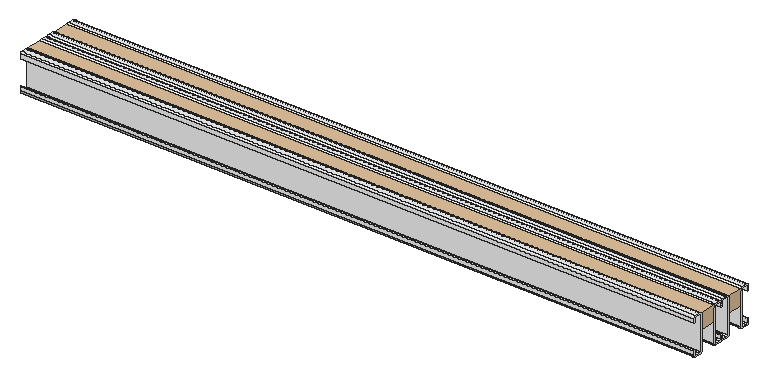
Revit family "S_Beam_12cm", category Structural Stiffeners, Revit 2020
Family settings
  Work Plane-Based = No
  Always vertical = Yes
  Cut with Voids When Loaded = No
  Shared = No
Parameters (values of type "S_Beam_12cm_Double")
  Wooden_Material = Sash
  Single = no
  L [instance] = 2200 mm
  Double = yes
  Default Elevation = 0 mm
  Beam_Material = Aluminum
Types (3, lengths in mm): name | Single | Double
  (no name) | no | yes
  S_Beam_12cm_Single | yes | no
  S_Beam_12cm_Double | no | yes
Reference planes
  plane 1 "Center (Front/Back)": y = 0
  plane 2: z = 0
  plane 3 "Center (Left/Right)": x = 0
  plane 4: x = 1100
  plane 5: x = -1100
Forms (mm)
  Sweep 1, solid, material "Aluminum" <- "Beam_Material", visible <- "Single"
    path origin (0, 0, 0) x (1, 0, 0) y (0, 1, 0)
      loop
        line (-1100, 0) -> (1100, 0)
    profile "S-Beam12cm_Profile_Single : S-Beam12cm_Profile_Single" origin (0, 0, 0) x (0, 1, 0) y (0, 0, 1)
      loop
        line (27.692, -114) -> (27.692, -6)
        arc (27.692, -6) -> (28.717, -3.525) -> (31.192, -2.5) r 3.5
        line (31.192, -2.5) -> (49.192, -2.5)
        arc (49.192, -2.5) -> (51.667, -3.525) -> (52.692, -6) r 3.5
        line (52.692, -6) -> (52.692, -20) -> (55.192, -20) -> (55.192, -6)
        arc (55.192, -6) -> (53.435, -1.757) -> (49.192, 0) r 6
        line (49.192, 0) -> (31.192, 0)
        arc (31.192, 0) -> (26.949, -1.757) -> (25.192, -6) r 6
        line (25.192, -6) -> (25.192, -114)
        arc (25.192, -114) -> (26.949, -118.243) -> (31.192, -120) r 6
        line (31.192, -120) -> (49.192, -120)
        arc (49.192, -120) -> (53.435, -118.243) -> (55.192, -114) r 6
        line (55.192, -114) -> (55.192, -100) -> (52.692, -100) -> (52.692, -114)
        arc (52.692, -114) -> (51.667, -116.475) -> (49.192, -117.5) r 3.5
        line (49.192, -117.5) -> (31.192, -117.5)
        arc (31.192, -117.5) -> (28.717, -116.475) -> (27.692, -114) r 3.5
      loop
        arc (-52.5, -6) -> (-51.475, -3.525) -> (-49, -2.5) r 3.5
        line (-49, -2.5) -> (-31, -2.5)
        arc (-31, -2.5) -> (-28.525, -3.525) -> (-27.5, -6) r 3.5
        line (-27.5, -6) -> (-27.5, -114)
        arc (-27.5, -114) -> (-28.525, -116.475) -> (-31, -117.5) r 3.5
        line (-31, -117.5) -> (-49, -117.5)
        arc (-49, -117.5) -> (-51.475, -116.475) -> (-52.5, -114) r 3.5
        line (-52.5, -114) -> (-52.5, -100) -> (-55, -100) -> (-55, -114)
        arc (-55, -114) -> (-53.243, -118.243) -> (-49, -120) r 6
        line (-49, -120) -> (-31, -120)
        arc (-31, -120) -> (-26.757, -118.243) -> (-25, -114) r 6
        line (-25, -114) -> (-25, -6)
        arc (-25, -6) -> (-26.757, -1.757) -> (-31, 0) r 6
        line (-31, 0) -> (-49, 0)
        arc (-49, 0) -> (-53.243, -1.757) -> (-55, -6) r 6
        line (-55, -6) -> (-55, -20) -> (-52.5, -20) -> (-52.5, -6)
  Sweep 2, solid, material "Sash" <- "Wooden_Material", visible <- "Single"
    path origin (0, 0, 0) x (1, 0, 0) y (0, 1, 0)
      loop
        line (-1100, 0) -> (1100, 0)
    profile origin (0, 0, 0) x (0, 1, 0) y (0, 0, 1)
      loop
        line (-24, -1.5) -> (-24, -51.5) -> (24.192, -51.5) -> (24.192, -1.5) -> (-24, -1.5)
  Sweep 3, solid, material "Aluminum" <- "Beam_Material", visible <- "Double"
    path origin (0, 0, 0) x (1, 0, 0) y (0, 1, 0)
      loop
        line (-1100, 0) -> (1100, 0)
    profile "S-Beam12cm_Profile_Double : S-Beam12cm_Profile_Double" origin (0, 0, 0) x (0, 1, 0) y (0, 0, 1)
      loop
        line (82.692, -114) -> (82.692, -6)
        arc (82.692, -6) -> (83.717, -3.525) -> (86.192, -2.5) r 3.5
        line (86.192, -2.5) -> (104.192, -2.5)
        arc (104.192, -2.5) -> (106.667, -3.525) -> (107.692, -6) r 3.5
        line (107.692, -6) -> (107.692, -20) -> (110.192, -20) -> (110.192, -6)
        arc (110.192, -6) -> (108.435, -1.757) -> (104.192, 0) r 6
        line (104.192, 0) -> (86.192, 0)
        arc (86.192, 0) -> (81.949, -1.757) -> (80.192, -6) r 6
        line (80.192, -6) -> (80.192, -114)
        arc (80.192, -114) -> (81.949, -118.243) -> (86.192, -120) r 6
        line (86.192, -120) -> (104.192, -120)
        arc (104.192, -120) -> (108.435, -118.243) -> (110.192, -114) r 6
        line (110.192, -114) -> (110.192, -100) -> (107.692, -100) -> (107.692, -114)
        arc (107.692, -114) -> (106.667, -116.475) -> (104.192, -117.5) r 3.5
        line (104.192, -117.5) -> (86.192, -117.5)
        arc (86.192, -117.5) -> (83.717, -116.475) -> (82.692, -114) r 3.5
      loop
        arc (2.5, -6) -> (3.525, -3.525) -> (6, -2.5) r 3.5
        line (6, -2.5) -> (24, -2.5)
        arc (24, -2.5) -> (26.475, -3.525) -> (27.5, -6) r 3.5
        line (27.5, -6) -> (27.5, -114)
        arc (27.5, -114) -> (26.475, -116.475) -> (24, -117.5) r 3.5
        line (24, -117.5) -> (6, -117.5)
        arc (6, -117.5) -> (3.525, -116.475) -> (2.5, -114) r 3.5
        line (2.5, -114) -> (2.5, -100) -> (0, -100) -> (0, -114)
        arc (0, -114) -> (1.757, -118.243) -> (6, -120) r 6
        line (6, -120) -> (24, -120)
        arc (24, -120) -> (28.243, -118.243) -> (30, -114) r 6
        line (30, -114) -> (30, -6)
        arc (30, -6) -> (28.243, -1.757) -> (24, 0) r 6
        line (24, 0) -> (6, 0)
        arc (6, 0) -> (1.757, -1.757) -> (0, -6) r 6
        line (0, -6) -> (0, -20) -> (2.5, -20) -> (2.5, -6)
  Sweep 4, solid, material "Aluminum" <- "Beam_Material", visible <- "Double"
    path origin (0, 0, 0) x (1, 0, 0) y (0, -1, 0)
      loop
        line (-1100, 0) -> (1100, 0)
    profile "S-Beam12cm_Profile_Double : S-Beam12cm_Profile_Double" origin (0, 0, 0) x (0, 1, 0) y (0, 0, 1)
      loop
        arc (-82.692, -114) -> (-83.717, -116.475) -> (-86.192, -117.5) r 3.5
        line (-86.192, -117.5) -> (-104.192, -117.5)
        arc (-104.192, -117.5) -> (-106.667, -116.475) -> (-107.692, -114) r 3.5
        line (-107.692, -114) -> (-107.692, -100) -> (-110.192, -100) -> (-110.192, -114)
        arc (-110.192, -114) -> (-108.435, -118.243) -> (-104.192, -120) r 6
        line (-104.192, -120) -> (-86.192, -120)
        arc (-86.192, -120) -> (-81.949, -118.243) -> (-80.192, -114) r 6
        line (-80.192, -114) -> (-80.192, -6)
        arc (-80.192, -6) -> (-81.949, -1.757) -> (-86.192, 0) r 6
        line (-86.192, 0) -> (-104.192, 0)
        arc (-104.192, 0) -> (-108.435, -1.757) -> (-110.192, -6) r 6
        line (-110.192, -6) -> (-110.192, -20) -> (-107.692, -20) -> (-107.692, -6)
        arc (-107.692, -6) -> (-106.667, -3.525) -> (-104.192, -2.5) r 3.5
        line (-104.192, -2.5) -> (-86.192, -2.5)
        arc (-86.192, -2.5) -> (-83.717, -3.525) -> (-82.692, -6) r 3.5
        line (-82.692, -6) -> (-82.692, -114)
      loop
        line (-2.5, -6) -> (-2.5, -20) -> (0, -20) -> (0, -6)
        arc (0, -6) -> (-1.757, -1.757) -> (-6, 0) r 6
        line (-6, 0) -> (-24, 0)
        arc (-24, 0) -> (-28.243, -1.757) -> (-30, -6) r 6
        line (-30, -6) -> (-30, -114)
        arc (-30, -114) -> (-28.243, -118.243) -> (-24, -120) r 6
        line (-24, -120) -> (-6, -120)
        arc (-6, -120) -> (-1.757, -118.243) -> (0, -114) r 6
        line (0, -114) -> (0, -100) -> (-2.5, -100) -> (-2.5, -114)
        arc (-2.5, -114) -> (-3.525, -116.475) -> (-6, -117.5) r 3.5
        line (-6, -117.5) -> (-24, -117.5)
        arc (-24, -117.5) -> (-26.475, -116.475) -> (-27.5, -114) r 3.5
        line (-27.5, -114) -> (-27.5, -6)
        arc (-27.5, -6) -> (-26.475, -3.525) -> (-24, -2.5) r 3.5
        line (-24, -2.5) -> (-6, -2.5)
        arc (-6, -2.5) -> (-3.525, -3.525) -> (-2.5, -6) r 3.5
  Sweep 5, solid, material "Sash" <- "Wooden_Material", visible <- "Double"
    path origin (0, 0, 0) x (1, 0, 0) y (0, 1, 0)
      loop
        line (-1100, 0) -> (1100, 0)
    profile origin (0, 0, 0) x (0, 1, 0) y (0, 0, 1)
      loop
        line (-31, -51.5) -> (-31, -1.5) -> (-79.192, -1.5) -> (-79.192, -51.5) -> (-31, -51.5)
      loop
        line (31, -51.5) -> (79.192, -51.5) -> (79.192, -1.5) -> (31, -1.5) -> (31, -51.5)
Dimensions and locks
  equal spacing: plane 5, plane 3 "Center (Left/Right)", plane 4
  "L": plane 5 to plane 4
  Sweep 1 to Sweep 2 sketch curve = 1 mm
  Sweep 2 sketch curve to Sweep 1 = 1 mm  (x2)
  Sweep 2 sketch curve to Sweep 2 sketch curve = 50 mm
  aligned and locked: level to plane 2
  aligned and locked: plane 5 to Sweep 1 sketch curve
  aligned and locked: plane 4 to Sweep 1 sketch curve
  aligned and locked: plane 1 "Center (Front/Back)" to Sweep 1 sketch curve
  aligned and locked: plane 5 to Sweep 2 sketch curve
  aligned and locked: plane 4 to Sweep 2 sketch curve
  aligned and locked: plane 1 "Center (Front/Back)" to Sweep 2 sketch curve
  aligned and locked: plane 5 to Sweep 3 sketch curve
  aligned and locked: plane 4 to Sweep 3 sketch curve
  aligned and locked: plane 1 "Center (Front/Back)" to Sweep 3 sketch curve
  aligned and locked: plane 4 to Sweep 4 sketch curve
  aligned and locked: plane 5 to Sweep 4 sketch curve
  aligned and locked: plane 1 "Center (Front/Back)" to Sweep 4 sketch curve
  aligned and locked: plane 5 to Sweep 5 sketch curve
  aligned and locked: plane 4 to Sweep 5 sketch curve
  aligned and locked: plane 1 "Center (Front/Back)" to Sweep 5 sketch curve
Automatic sketch dimensions
  profile plane to Sweep 5 sketch curve = 79.192 mm
  Sweep 5 sketch curve to level = 1.5 mm  (x2)
  profile plane to Sweep 5 sketch curve = 31 mm
  Sweep 5 sketch curve to profile plane = 31 mm
  Sweep 5 sketch curve to Sweep 5 sketch curve = 48.192 mm
  Sweep 5 sketch curve to level = 51.5 mm
  Sweep 5 sketch curve to Sweep 5 sketch curve = 50 mm
